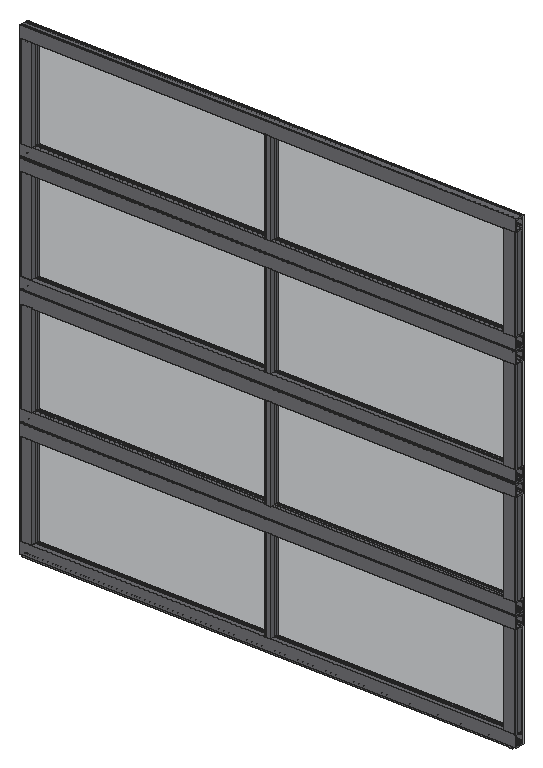
Revit family "GACS 8P GG SUV", category Doors, host Wall, Revit 2024
Family settings
  Host = Wall
  OmniClass Number = 23.30.10.00
  OmniClass Title = Doors
  Always vertical = Yes
  Cut with Voids When Loaded = No
  Shared = No
  Room Calculation Point = No
Parameters
  Wall Opening [instance] = 2440 mm
  Function = Interior
  Frame Projection Ext. = 25 mm
  Frame Projection Int. = 25 mm
  Frame Width = 75 mm
  Height = 2380 mm
  Wall Closure = By host
  Width = 2440 mm
Reference planes
  plane 1: y = 0
  plane 2 "Center (Left/Right)": x = 0
  plane 3 "Left": x = -1220
  plane 4 "Right": x = 1220
  plane 5 "Exterior": y = 75
  plane 6 "Interior": y = -75
  plane 7 "Garage Bottom": y = 75
  plane 8 "Garage Right": x = -1250
  plane 9 "Garage Left": x = 1250
  plane 10: z = 2410
Forms (mm)
  Extrusion 1, solid, material "ALUMINIUM CHAR (TEST)"
    sketch origin (2744.172, 296, 1693.954) x (1, 0, 0) y (0, 1, 0)
      loop
        line (-3934.172, -375) -> (-3994.172, -375) -> (-3994.172, -378.9) -> (-3992.372, -378.9) -> (-3992.372, -376.8) -> (-3990.372, -376.8) -> (-3990.372, -384.9) -> (-3992.372, -384.9) -> (-3992.372, -382.9) -> (-3994.172, -382.9) -> (-3994.172, -411.1) -> (-3992.372, -411.1) -> (-3992.372, -409.1) -> (-3990.372, -409.1) -> (-3990.372, -417.2) -> (-3992.372, -417.2) -> (-3992.372, -415.1) -> (-3994.172, -415.1) -> (-3994.172, -419) -> (-3934.172, -419) -> (-3934.172, -399) -> (-3935.238, -399) -> (-3935.479, -401.75) -> (-3936.772, -401.75) -> (-3936.772, -383.5) -> (-3935.567, -383.5) -> (-3935.165, -385) -> (-3934.172, -385) -> (-3934.172, -375)
      loop
        line (-3988.772, -376.75) -> (-3988.772, -386.7) -> (-3992.372, -386.7) -> (-3992.372, -407.3) -> (-3988.772, -407.3) -> (-3988.772, -417.25) -> (-3981.625, -417.25) -> (-3980.672, -416.7) -> (-3977.672, -416.7) -> (-3976.72, -417.25) -> (-3951.425, -417.25) -> (-3950.472, -416.7) -> (-3947.472, -416.7) -> (-3946.52, -417.25) -> (-3935.972, -417.25) -> (-3935.972, -403.55) -> (-3938.572, -403.55) -> (-3938.572, -381.7) -> (-3935.972, -381.7) -> (-3935.972, -376.75) -> (-3946.52, -376.75) -> (-3947.472, -377.3) -> (-3950.472, -377.3) -> (-3951.425, -376.75) -> (-3976.72, -376.75) -> (-3977.672, -377.3) -> (-3980.672, -377.3) -> (-3981.625, -376.75) -> (-3988.772, -376.75)
      loop
        line (-1554.172, -375) -> (-1554.172, -385) -> (-1553.179, -385) -> (-1552.777, -383.5) -> (-1551.572, -383.5) -> (-1551.572, -401.75) -> (-1552.866, -401.75) -> (-1553.106, -399) -> (-1554.172, -399) -> (-1554.172, -419) -> (-1494.172, -419) -> (-1494.172, -415.1) -> (-1495.972, -415.1) -> (-1495.972, -417.2) -> (-1497.972, -417.2) -> (-1497.972, -409.1) -> (-1495.972, -409.1) -> (-1495.972, -411.1) -> (-1494.172, -411.1) -> (-1494.172, -382.9) -> (-1495.972, -382.9) -> (-1495.972, -384.9) -> (-1497.972, -384.9) -> (-1497.972, -376.8) -> (-1495.972, -376.8) -> (-1495.972, -378.9) -> (-1494.172, -378.9) -> (-1494.172, -375) -> (-1554.172, -375)
      loop
        line (-1507.672, -377.3) -> (-1510.672, -377.3) -> (-1511.625, -376.75) -> (-1536.92, -376.75) -> (-1537.872, -377.3) -> (-1540.872, -377.3) -> (-1541.825, -376.75) -> (-1552.372, -376.75) -> (-1552.372, -381.7) -> (-1549.772, -381.7) -> (-1549.772, -403.55) -> (-1552.372, -403.55) -> (-1552.372, -417.25) -> (-1541.825, -417.25) -> (-1540.872, -416.7) -> (-1537.872, -416.7) -> (-1536.92, -417.25) -> (-1511.625, -417.25) -> (-1510.672, -416.7) -> (-1507.672, -416.7) -> (-1506.72, -417.25) -> (-1499.572, -417.25) -> (-1499.572, -407.3) -> (-1495.972, -407.3) -> (-1495.972, -386.7) -> (-1499.572, -386.7) -> (-1499.572, -376.75) -> (-1506.72, -376.75) -> (-1507.672, -377.3)
      loop
        line (-2729.172, -375) -> (-2759.172, -375) -> (-2759.172, -385) -> (-2758.179, -385) -> (-2757.777, -383.5) -> (-2756.572, -383.5) -> (-2756.572, -401.75) -> (-2757.866, -401.75) -> (-2758.106, -399) -> (-2759.172, -399) -> (-2759.172, -419) -> (-2729.172, -419) -> (-2729.172, -399) -> (-2730.238, -399) -> (-2730.479, -401.75) -> (-2731.772, -401.75) -> (-2731.772, -383.5) -> (-2730.567, -383.5) -> (-2730.165, -385) -> (-2729.172, -385) -> (-2729.172, -375)
      loop
        line (-2757.372, -376.75) -> (-2757.372, -381.7) -> (-2754.772, -381.7) -> (-2754.772, -403.55) -> (-2757.372, -403.55) -> (-2757.372, -417.25) -> (-2730.972, -417.25) -> (-2730.972, -403.55) -> (-2733.572, -403.55) -> (-2733.572, -381.7) -> (-2730.972, -381.7) -> (-2730.972, -376.75) -> (-2757.372, -376.75)
    from 182.954 to 656.046
  Extrusion 2, solid, material "ALUMINIUM CHAR (TEST)"
    sketch origin (0, -4, 2189.909) x (0, -1, 0) y (0, 0, -1)
      loop
        line (75, 2170) -> (75, 2110) -> (85, 2110) -> (85, 2110.993) -> (83.5, 2111.395) -> (83.5, 2112.6) -> (101.75, 2112.6) -> (101.75, 2111.307) -> (99, 2111.066) -> (99, 2110) -> (119, 2110) -> (119, 2170) -> (115.1, 2170) -> (115.1, 2168.2) -> (117.2, 2168.2) -> (117.2, 2166.2) -> (109.1, 2166.2) -> (109.1, 2168.2) -> (111.1, 2168.2) -> (111.1, 2170) -> (82.9, 2170) -> (82.9, 2168.2) -> (84.9, 2168.2) -> (84.9, 2166.2) -> (76.8, 2166.2) -> (76.8, 2168.2) -> (78.9, 2168.2) -> (78.9, 2170) -> (75, 2170)
      loop
        line (117.25, 2157.453) -> (117.25, 2164.6) -> (107.3, 2164.6) -> (107.3, 2168.2) -> (86.7, 2168.2) -> (86.7, 2164.6) -> (76.75, 2164.6) -> (76.75, 2157.453) -> (77.3, 2156.5) -> (77.3, 2153.5) -> (76.75, 2152.547) -> (76.75, 2127.253) -> (77.3, 2126.3) -> (77.3, 2123.3) -> (76.75, 2122.347) -> (76.75, 2111.8) -> (81.7, 2111.8) -> (81.7, 2114.4) -> (103.55, 2114.4) -> (103.55, 2111.8) -> (117.25, 2111.8) -> (117.25, 2122.347) -> (116.7, 2123.3) -> (116.7, 2126.3) -> (117.25, 2127.253) -> (117.25, 2152.547) -> (116.7, 2153.5) -> (116.7, 2156.5) -> (117.25, 2157.453)
      loop
        line (75, -220.091) -> (78.9, -220.091) -> (78.9, -218.291) -> (76.8, -218.291) -> (76.8, -216.291) -> (84.9, -216.291) -> (84.9, -218.291) -> (82.9, -218.291) -> (82.9, -220.091) -> (111.1, -220.091) -> (111.1, -218.291) -> (109.1, -218.291) -> (109.1, -216.291) -> (117.2, -216.291) -> (117.2, -218.291) -> (115.1, -218.291) -> (115.1, -220.091) -> (119, -220.091) -> (119, -160.091) -> (99, -160.091) -> (99, -161.157) -> (101.75, -161.398) -> (101.75, -162.691) -> (83.5, -162.691) -> (83.5, -161.486) -> (85, -161.084) -> (85, -160.091) -> (75, -160.091) -> (75, -220.091)
      loop
        line (117.25, -207.544) -> (116.7, -206.591) -> (116.7, -203.591) -> (117.25, -202.639) -> (117.25, -177.344) -> (116.7, -176.391) -> (116.7, -173.391) -> (117.25, -172.439) -> (117.25, -161.891) -> (103.55, -161.891) -> (103.55, -164.491) -> (81.7, -164.491) -> (81.7, -161.891) -> (76.75, -161.891) -> (76.75, -172.439) -> (77.3, -173.391) -> (77.3, -176.391) -> (76.75, -177.344) -> (76.75, -202.639) -> (77.3, -203.591) -> (77.3, -206.591) -> (76.75, -207.544) -> (76.75, -214.691) -> (86.7, -214.691) -> (86.7, -218.291) -> (107.3, -218.291) -> (107.3, -214.691) -> (117.25, -214.691) -> (117.25, -207.544)
    from -1250 to 1250
  Extrusion 3, solid, material "ALUMINIUM CHAR (TEST)"
    sketch origin (0, -4, 3811.454) x (0, -1, 0) y (0, 0, -1)
      loop
        line (75, 2000.546) -> (78.9, 2000.546) -> (78.9, 2002.346) -> (76.8, 2002.346) -> (76.8, 2004.346) -> (84.9, 2004.346) -> (84.9, 2002.346) -> (82.9, 2002.346) -> (82.9, 2000.546) -> (111.1, 2000.546) -> (111.1, 2002.346) -> (109.1, 2002.346) -> (109.1, 2004.346) -> (117.2, 2004.346) -> (117.2, 2002.346) -> (115.1, 2002.346) -> (115.1, 2000.546) -> (119, 2000.546) -> (119, 2060.546) -> (99, 2060.546) -> (99, 2059.48) -> (101.75, 2059.239) -> (101.75, 2057.946) -> (83.5, 2057.946) -> (83.5, 2059.151) -> (85, 2059.553) -> (85, 2060.546) -> (75, 2060.546) -> (75, 2000.546)
      loop
        line (117.25, 2013.093) -> (116.7, 2014.046) -> (116.7, 2017.046) -> (117.25, 2017.998) -> (117.25, 2043.293) -> (116.7, 2044.246) -> (116.7, 2047.246) -> (117.25, 2048.198) -> (117.25, 2058.746) -> (103.55, 2058.746) -> (103.55, 2056.146) -> (81.7, 2056.146) -> (81.7, 2058.746) -> (76.75, 2058.746) -> (76.75, 2048.198) -> (77.3, 2047.246) -> (77.3, 2044.246) -> (76.75, 2043.293) -> (76.75, 2017.998) -> (77.3, 2017.046) -> (77.3, 2014.046) -> (76.75, 2013.093) -> (76.75, 2005.946) -> (86.7, 2005.946) -> (86.7, 2002.346) -> (107.3, 2002.346) -> (107.3, 2005.946) -> (117.25, 2005.946) -> (117.25, 2013.093)
      loop
        line (75, 1994.546) -> (75, 1934.546) -> (85, 1934.546) -> (85, 1935.539) -> (83.5, 1935.94) -> (83.5, 1937.146) -> (101.75, 1937.146) -> (101.75, 1935.852) -> (99, 1935.612) -> (99, 1934.546) -> (119, 1934.546) -> (119, 1994.546) -> (115.1, 1994.546) -> (115.1, 1992.746) -> (117.2, 1992.746) -> (117.2, 1990.746) -> (109.1, 1990.746) -> (109.1, 1992.746) -> (111.1, 1992.746) -> (111.1, 1994.546) -> (82.9, 1994.546) -> (82.9, 1992.746) -> (84.9, 1992.746) -> (84.9, 1990.746) -> (76.8, 1990.746) -> (76.8, 1992.746) -> (78.9, 1992.746) -> (78.9, 1994.546) -> (75, 1994.546)
      loop
        line (117.25, 1981.998) -> (117.25, 1989.146) -> (107.3, 1989.146) -> (107.3, 1992.746) -> (86.7, 1992.746) -> (86.7, 1989.146) -> (76.75, 1989.146) -> (76.75, 1981.998) -> (77.3, 1981.046) -> (77.3, 1978.046) -> (76.75, 1977.093) -> (76.75, 1951.798) -> (77.3, 1950.846) -> (77.3, 1947.846) -> (76.75, 1946.893) -> (76.75, 1936.346) -> (81.7, 1936.346) -> (81.7, 1938.946) -> (103.55, 1938.946) -> (103.55, 1936.346) -> (117.25, 1936.346) -> (117.25, 1946.893) -> (116.7, 1947.846) -> (116.7, 1950.846) -> (117.25, 1951.798) -> (117.25, 1977.093) -> (116.7, 1978.046) -> (116.7, 1981.046) -> (117.25, 1981.998)
      loop
        line (75, 2599.546) -> (78.9, 2599.546) -> (78.9, 2601.346) -> (76.8, 2601.346) -> (76.8, 2603.346) -> (84.9, 2603.346) -> (84.9, 2601.346) -> (82.9, 2601.346) -> (82.9, 2599.546) -> (111.1, 2599.546) -> (111.1, 2601.346) -> (109.1, 2601.346) -> (109.1, 2603.346) -> (117.2, 2603.346) -> (117.2, 2601.346) -> (115.1, 2601.346) -> (115.1, 2599.546) -> (119, 2599.546) -> (119, 2659.546) -> (99, 2659.546) -> (99, 2658.48) -> (101.75, 2658.239) -> (101.75, 2656.946) -> (83.5, 2656.946) -> (83.5, 2658.151) -> (85, 2658.553) -> (85, 2659.546) -> (75, 2659.546) -> (75, 2599.546)
      loop
        line (117.25, 2612.093) -> (116.7, 2613.046) -> (116.7, 2616.046) -> (117.25, 2616.998) -> (117.25, 2642.293) -> (116.7, 2643.246) -> (116.7, 2646.246) -> (117.25, 2647.198) -> (117.25, 2657.746) -> (103.55, 2657.746) -> (103.55, 2655.146) -> (81.7, 2655.146) -> (81.7, 2657.746) -> (76.75, 2657.746) -> (76.75, 2647.198) -> (77.3, 2646.246) -> (77.3, 2643.246) -> (76.75, 2642.293) -> (76.75, 2616.998) -> (77.3, 2616.046) -> (77.3, 2613.046) -> (76.75, 2612.093) -> (76.75, 2604.946) -> (86.7, 2604.946) -> (86.7, 2601.346) -> (107.3, 2601.346) -> (107.3, 2604.946) -> (117.25, 2604.946) -> (117.25, 2612.093)
      loop
        line (75, 2593.546) -> (75, 2533.546) -> (85, 2533.546) -> (85, 2534.539) -> (83.5, 2534.94) -> (83.5, 2536.146) -> (101.75, 2536.146) -> (101.75, 2534.852) -> (99, 2534.612) -> (99, 2533.546) -> (119, 2533.546) -> (119, 2593.546) -> (115.1, 2593.546) -> (115.1, 2591.746) -> (117.2, 2591.746) -> (117.2, 2589.746) -> (109.1, 2589.746) -> (109.1, 2591.746) -> (111.1, 2591.746) -> (111.1, 2593.546) -> (82.9, 2593.546) -> (82.9, 2591.746) -> (84.9, 2591.746) -> (84.9, 2589.746) -> (76.8, 2589.746) -> (76.8, 2591.746) -> (78.9, 2591.746) -> (78.9, 2593.546) -> (75, 2593.546)
      loop
        line (117.25, 2580.998) -> (117.25, 2588.146) -> (107.3, 2588.146) -> (107.3, 2591.746) -> (86.7, 2591.746) -> (86.7, 2588.146) -> (76.75, 2588.146) -> (76.75, 2580.998) -> (77.3, 2580.046) -> (77.3, 2577.046) -> (76.75, 2576.093) -> (76.75, 2550.798) -> (77.3, 2549.846) -> (77.3, 2546.846) -> (76.75, 2545.893) -> (76.75, 2535.346) -> (81.7, 2535.346) -> (81.7, 2537.946) -> (103.55, 2537.946) -> (103.55, 2535.346) -> (117.25, 2535.346) -> (117.25, 2545.893) -> (116.7, 2546.846) -> (116.7, 2549.846) -> (117.25, 2550.798) -> (117.25, 2576.093) -> (116.7, 2577.046) -> (116.7, 2580.046) -> (117.25, 2580.998)
      loop
        line (75, 3198.546) -> (78.9, 3198.546) -> (78.9, 3200.346) -> (76.8, 3200.346) -> (76.8, 3202.346) -> (84.9, 3202.346) -> (84.9, 3200.346) -> (82.9, 3200.346) -> (82.9, 3198.546) -> (111.1, 3198.546) -> (111.1, 3200.346) -> (109.1, 3200.346) -> (109.1, 3202.346) -> (117.2, 3202.346) -> (117.2, 3200.346) -> (115.1, 3200.346) -> (115.1, 3198.546) -> (119, 3198.546) -> (119, 3258.546) -> (99, 3258.546) -> (99, 3257.48) -> (101.75, 3257.239) -> (101.75, 3255.946) -> (83.5, 3255.946) -> (83.5, 3257.151) -> (85, 3257.553) -> (85, 3258.546) -> (75, 3258.546) -> (75, 3198.546)
      loop
        line (117.25, 3211.093) -> (116.7, 3212.046) -> (116.7, 3215.046) -> (117.25, 3215.998) -> (117.25, 3241.293) -> (116.7, 3242.246) -> (116.7, 3245.246) -> (117.25, 3246.198) -> (117.25, 3256.746) -> (103.55, 3256.746) -> (103.55, 3254.146) -> (81.7, 3254.146) -> (81.7, 3256.746) -> (76.75, 3256.746) -> (76.75, 3246.198) -> (77.3, 3245.246) -> (77.3, 3242.246) -> (76.75, 3241.293) -> (76.75, 3215.998) -> (77.3, 3215.046) -> (77.3, 3212.046) -> (76.75, 3211.093) -> (76.75, 3203.946) -> (86.7, 3203.946) -> (86.7, 3200.346) -> (107.3, 3200.346) -> (107.3, 3203.946) -> (117.25, 3203.946) -> (117.25, 3211.093)
      loop
        line (75, 3192.546) -> (75, 3132.546) -> (85, 3132.546) -> (85, 3133.539) -> (83.5, 3133.94) -> (83.5, 3135.146) -> (101.75, 3135.146) -> (101.75, 3133.852) -> (99, 3133.612) -> (99, 3132.546) -> (119, 3132.546) -> (119, 3192.546) -> (115.1, 3192.546) -> (115.1, 3190.746) -> (117.2, 3190.746) -> (117.2, 3188.746) -> (109.1, 3188.746) -> (109.1, 3190.746) -> (111.1, 3190.746) -> (111.1, 3192.546) -> (82.9, 3192.546) -> (82.9, 3190.746) -> (84.9, 3190.746) -> (84.9, 3188.746) -> (76.8, 3188.746) -> (76.8, 3190.746) -> (78.9, 3190.746) -> (78.9, 3192.546) -> (75, 3192.546)
      loop
        line (117.25, 3179.998) -> (117.25, 3187.146) -> (107.3, 3187.146) -> (107.3, 3190.746) -> (86.7, 3190.746) -> (86.7, 3187.146) -> (76.75, 3187.146) -> (76.75, 3179.998) -> (77.3, 3179.046) -> (77.3, 3176.046) -> (76.75, 3175.093) -> (76.75, 3149.798) -> (77.3, 3148.846) -> (77.3, 3145.846) -> (76.75, 3144.893) -> (76.75, 3134.346) -> (81.7, 3134.346) -> (81.7, 3136.946) -> (103.55, 3136.946) -> (103.55, 3134.346) -> (117.25, 3134.346) -> (117.25, 3144.893) -> (116.7, 3145.846) -> (116.7, 3148.846) -> (117.25, 3149.798) -> (117.25, 3175.093) -> (116.7, 3176.046) -> (116.7, 3179.046) -> (117.25, 3179.998)
    from -1250 to 1250
  Extrusion 4, solid, material "Rubber, Natural"
    sketch origin (0, 0, 0) x (0, 1, 0) y (0, 0, 1)
      loop
        line (-111, 19.909) -> (-111, 16.909) -> (-106, 16.909) -> (-106, 14.004)
        spline (-106, 14.004) -> (-109.192, 11.809) -> (-110.848, 8.808) -> (-110.659, 5.562) -> (-108.66, 2.681) -> (-105.226, 0.703) -> (-101, 0) -> (-96.774, 0.703) -> (-93.34, 2.681) -> (-91.341, 5.562) -> (-91.152, 8.808) -> (-92.808, 11.809) -> (-96, 14.004)
        line (-96, 14.004) -> (-96, 16.909) -> (-91, 16.909) -> (-91, 19.909) -> (-111, 19.909)
      loop
        line (-98, 16.909) -> (-104, 16.909) -> (-104, 14.633)
        arc (-104, 14.633) -> (-101, 15.009) -> (-98, 14.633) r 12.129
        line (-98, 14.633) -> (-98, 16.909)
      loop
        spline (-101, 1.513) -> (-98.929, 1.717) -> (-97, 2.316) -> (-95.343, 3.268) -> (-94.072, 4.509) -> (-93.273, 5.954) -> (-93, 7.505) -> (-93.273, 9.055) -> (-94.072, 10.501) -> (-95.343, 11.742) -> (-97, 12.694) -> (-98.929, 13.292) -> (-101, 13.496)
        spline (-101, 13.496) -> (-103.071, 13.292) -> (-105, 12.694) -> (-106.657, 11.742) -> (-107.928, 10.501) -> (-108.727, 9.055) -> (-109, 7.505) -> (-108.727, 5.954) -> (-107.928, 4.509) -> (-106.657, 3.268) -> (-105, 2.316) -> (-103.071, 1.717) -> (-101, 1.513)
    from -1250 to 1220
  Extrusion 5, solid, material "Rubber, Natural"
    sketch origin (0, 16.15, 1625.346) x (0, 1, 0) y (0, 0, 1)
      loop
        line (-104, -404.284) -> (-104, -405.284) -> (-101.5, -405.284) -> (-101.5, -407.31)
        spline (-101.5, -407.31) -> (-102.841, -407.612) -> (-103.739, -408.203) -> (-103.978, -408.941) -> (-103.501, -409.648) -> (-102.421, -410.154) -> (-101, -410.337) -> (-99.579, -410.154) -> (-98.499, -409.648) -> (-98.022, -408.941) -> (-98.261, -408.203) -> (-99.159, -407.612) -> (-100.5, -407.31)
        line (-100.5, -407.31) -> (-100.5, -405.284) -> (-98, -405.284) -> (-98, -404.284) -> (-104, -404.284)
      loop
        line (-136.3, -404.284) -> (-136.3, -405.284) -> (-133.8, -405.284) -> (-133.8, -407.31)
        spline (-133.8, -407.31) -> (-135.141, -407.612) -> (-136.039, -408.203) -> (-136.278, -408.941) -> (-135.801, -409.648) -> (-134.721, -410.154) -> (-133.3, -410.337) -> (-131.879, -410.154) -> (-130.799, -409.648) -> (-130.322, -408.941) -> (-130.561, -408.203) -> (-131.459, -407.612) -> (-132.8, -407.31)
        line (-132.8, -407.31) -> (-132.8, -405.284) -> (-130.3, -405.284) -> (-130.3, -404.284) -> (-136.3, -404.284)
      loop
        line (-104, -416.591) -> (-98, -416.591) -> (-98, -415.591) -> (-100.5, -415.591) -> (-100.5, -413.564)
        spline (-100.5, -413.564) -> (-99.159, -413.262) -> (-98.261, -412.671) -> (-98.022, -411.933) -> (-98.499, -411.226) -> (-99.579, -410.72) -> (-101, -410.537) -> (-102.421, -410.72) -> (-103.501, -411.226) -> (-103.978, -411.933) -> (-103.739, -412.671) -> (-102.841, -413.262) -> (-101.5, -413.564)
        line (-101.5, -413.564) -> (-101.5, -415.591) -> (-104, -415.591) -> (-104, -416.591)
      loop
        line (-136.3, -416.591) -> (-130.3, -416.591) -> (-130.3, -415.591) -> (-132.8, -415.591) -> (-132.8, -413.564)
        spline (-132.8, -413.564) -> (-131.459, -413.262) -> (-130.561, -412.671) -> (-130.322, -411.933) -> (-130.799, -411.226) -> (-131.879, -410.72) -> (-133.3, -410.537) -> (-134.721, -410.72) -> (-135.801, -411.226) -> (-136.278, -411.933) -> (-136.039, -412.671) -> (-135.141, -413.262) -> (-133.8, -413.564)
        line (-133.8, -413.564) -> (-133.8, -415.591) -> (-136.3, -415.591) -> (-136.3, -416.591)
      loop
        line (-104, 194.716) -> (-104, 193.716) -> (-101.5, 193.716) -> (-101.5, 191.69)
        spline (-101.5, 191.69) -> (-102.841, 191.388) -> (-103.739, 190.797) -> (-103.978, 190.059) -> (-103.501, 189.352) -> (-102.421, 188.846) -> (-101, 188.663) -> (-99.579, 188.846) -> (-98.499, 189.352) -> (-98.022, 190.059) -> (-98.261, 190.797) -> (-99.159, 191.388) -> (-100.5, 191.69)
        line (-100.5, 191.69) -> (-100.5, 193.716) -> (-98, 193.716) -> (-98, 194.716) -> (-104, 194.716)
      loop
        line (-136.3, 194.716) -> (-136.3, 193.716) -> (-133.8, 193.716) -> (-133.8, 191.69)
        spline (-133.8, 191.69) -> (-135.141, 191.388) -> (-136.039, 190.797) -> (-136.278, 190.059) -> (-135.801, 189.352) -> (-134.721, 188.846) -> (-133.3, 188.663) -> (-131.879, 188.846) -> (-130.799, 189.352) -> (-130.322, 190.059) -> (-130.561, 190.797) -> (-131.459, 191.388) -> (-132.8, 191.69)
        line (-132.8, 191.69) -> (-132.8, 193.716) -> (-130.3, 193.716) -> (-130.3, 194.716) -> (-136.3, 194.716)
      loop
        line (-104, 182.409) -> (-98, 182.409) -> (-98, 183.409) -> (-100.5, 183.409) -> (-100.5, 185.436)
        spline (-100.5, 185.436) -> (-99.159, 185.738) -> (-98.261, 186.329) -> (-98.022, 187.067) -> (-98.499, 187.774) -> (-99.579, 188.28) -> (-101, 188.463) -> (-102.421, 188.28) -> (-103.501, 187.774) -> (-103.978, 187.067) -> (-103.739, 186.329) -> (-102.841, 185.738) -> (-101.5, 185.436)
        line (-101.5, 185.436) -> (-101.5, 183.409) -> (-104, 183.409) -> (-104, 182.409)
      loop
        line (-136.3, 182.409) -> (-130.3, 182.409) -> (-130.3, 183.409) -> (-132.8, 183.409) -> (-132.8, 185.436)
        spline (-132.8, 185.436) -> (-131.459, 185.738) -> (-130.561, 186.329) -> (-130.322, 187.067) -> (-130.799, 187.774) -> (-131.879, 188.28) -> (-133.3, 188.463) -> (-134.721, 188.28) -> (-135.801, 187.774) -> (-136.278, 187.067) -> (-136.039, 186.329) -> (-135.141, 185.738) -> (-133.8, 185.436)
        line (-133.8, 185.436) -> (-133.8, 183.409) -> (-136.3, 183.409) -> (-136.3, 182.409)
      loop
        line (-104, -1003.284) -> (-104, -1004.284) -> (-101.5, -1004.284) -> (-101.5, -1006.31)
        spline (-101.5, -1006.31) -> (-102.841, -1006.612) -> (-103.739, -1007.203) -> (-103.978, -1007.941) -> (-103.501, -1008.648) -> (-102.421, -1009.154) -> (-101, -1009.337) -> (-99.579, -1009.154) -> (-98.499, -1008.648) -> (-98.022, -1007.941) -> (-98.261, -1007.203) -> (-99.159, -1006.612) -> (-100.5, -1006.31)
        line (-100.5, -1006.31) -> (-100.5, -1004.284) -> (-98, -1004.284) -> (-98, -1003.284) -> (-104, -1003.284)
      loop
        line (-136.3, -1003.284) -> (-136.3, -1004.284) -> (-133.8, -1004.284) -> (-133.8, -1006.31)
        spline (-133.8, -1006.31) -> (-135.141, -1006.612) -> (-136.039, -1007.203) -> (-136.278, -1007.941) -> (-135.801, -1008.648) -> (-134.721, -1009.154) -> (-133.3, -1009.337) -> (-131.879, -1009.154) -> (-130.799, -1008.648) -> (-130.322, -1007.941) -> (-130.561, -1007.203) -> (-131.459, -1006.612) -> (-132.8, -1006.31)
        line (-132.8, -1006.31) -> (-132.8, -1004.284) -> (-130.3, -1004.284) -> (-130.3, -1003.284) -> (-136.3, -1003.284)
      loop
        line (-104, -1015.591) -> (-98, -1015.591) -> (-98, -1014.591) -> (-100.5, -1014.591) -> (-100.5, -1012.564)
        spline (-100.5, -1012.564) -> (-99.159, -1012.262) -> (-98.261, -1011.671) -> (-98.022, -1010.933) -> (-98.499, -1010.226) -> (-99.579, -1009.72) -> (-101, -1009.537) -> (-102.421, -1009.72) -> (-103.501, -1010.226) -> (-103.978, -1010.933) -> (-103.739, -1011.671) -> (-102.841, -1012.262) -> (-101.5, -1012.564)
        line (-101.5, -1012.564) -> (-101.5, -1014.591) -> (-104, -1014.591) -> (-104, -1015.591)
      loop
        line (-136.3, -1015.591) -> (-130.3, -1015.591) -> (-130.3, -1014.591) -> (-132.8, -1014.591) -> (-132.8, -1012.564)
        spline (-132.8, -1012.564) -> (-131.459, -1012.262) -> (-130.561, -1011.671) -> (-130.322, -1010.933) -> (-130.799, -1010.226) -> (-131.879, -1009.72) -> (-133.3, -1009.537) -> (-134.721, -1009.72) -> (-135.801, -1010.226) -> (-136.278, -1010.933) -> (-136.039, -1011.671) -> (-135.141, -1012.262) -> (-133.8, -1012.564)
        line (-133.8, -1012.564) -> (-133.8, -1014.591) -> (-136.3, -1014.591) -> (-136.3, -1015.591)
    from -1250 to 1250
  Extrusion 6, solid, material "ALUMINIUM (METALLIC GREY TEST)"
    sketch origin (0, 0, 0) x (0, 1, 0) y (0, 0, 1)
      loop
        line (-79, 19.909) -> (-75, 19.909) -> (-75, 612.909) -> (-79, 612.909) -> (-79, 19.909)
      loop
        line (-79, 618.909) -> (-75, 618.909) -> (-75, 1211.909) -> (-79, 1211.909) -> (-79, 618.909)
      loop
        line (-79, 1217.909) -> (-75, 1217.909) -> (-75, 1810.909) -> (-79, 1810.909) -> (-79, 1217.909)
      loop
        line (-79, 1816.909) -> (-75, 1816.909) -> (-75, 2410) -> (-79, 2410) -> (-79, 1816.909)
    from 2.957 to 1250
  Extrusion 7, solid, material "ALUMINIUM (METALLIC GREY TEST)"
    sketch origin (0, 0, 0) x (0, 1, 0) y (0, 0, -1)
      loop
        line (-79, -19.909) -> (-79, -612.909) -> (-75, -612.909) -> (-75, -19.909) -> (-79, -19.909)
      loop
        line (-79, -618.909) -> (-79, -1211.909) -> (-75, -1211.909) -> (-75, -618.909) -> (-79, -618.909)
      loop
        line (-79, -1217.909) -> (-79, -1810.909) -> (-75, -1810.909) -> (-75, -1217.909) -> (-79, -1217.909)
      loop
        line (-79, -1816.909) -> (-79, -2410) -> (-75, -2410) -> (-75, -1816.909) -> (-79, -1816.909)
    from 2.957 to 1250
  Extrusion 8, solid, material "ALUMINIUM CHAR (TEST)"
    sketch origin (2744.172, 296, 1094.954) x (1, 0, 0) y (0, 1, 0)
      loop
        line (-3934.172, -375) -> (-3994.172, -375) -> (-3994.172, -378.9) -> (-3992.372, -378.9) -> (-3992.372, -376.8) -> (-3990.372, -376.8) -> (-3990.372, -384.9) -> (-3992.372, -384.9) -> (-3992.372, -382.9) -> (-3994.172, -382.9) -> (-3994.172, -411.1) -> (-3992.372, -411.1) -> (-3992.372, -409.1) -> (-3990.372, -409.1) -> (-3990.372, -417.2) -> (-3992.372, -417.2) -> (-3992.372, -415.1) -> (-3994.172, -415.1) -> (-3994.172, -419) -> (-3934.172, -419) -> (-3934.172, -399) -> (-3935.238, -399) -> (-3935.479, -401.75) -> (-3936.772, -401.75) -> (-3936.772, -383.5) -> (-3935.567, -383.5) -> (-3935.165, -385) -> (-3934.172, -385) -> (-3934.172, -375)
      loop
        line (-3988.772, -376.75) -> (-3988.772, -386.7) -> (-3992.372, -386.7) -> (-3992.372, -407.3) -> (-3988.772, -407.3) -> (-3988.772, -417.25) -> (-3981.625, -417.25) -> (-3980.672, -416.7) -> (-3977.672, -416.7) -> (-3976.72, -417.25) -> (-3951.425, -417.25) -> (-3950.472, -416.7) -> (-3947.472, -416.7) -> (-3946.52, -417.25) -> (-3935.972, -417.25) -> (-3935.972, -403.55) -> (-3938.572, -403.55) -> (-3938.572, -381.7) -> (-3935.972, -381.7) -> (-3935.972, -376.75) -> (-3946.52, -376.75) -> (-3947.472, -377.3) -> (-3950.472, -377.3) -> (-3951.425, -376.75) -> (-3976.72, -376.75) -> (-3977.672, -377.3) -> (-3980.672, -377.3) -> (-3981.625, -376.75) -> (-3988.772, -376.75)
      loop
        line (-1554.172, -375) -> (-1554.172, -385) -> (-1553.179, -385) -> (-1552.777, -383.5) -> (-1551.572, -383.5) -> (-1551.572, -401.75) -> (-1552.866, -401.75) -> (-1553.106, -399) -> (-1554.172, -399) -> (-1554.172, -419) -> (-1494.172, -419) -> (-1494.172, -415.1) -> (-1495.972, -415.1) -> (-1495.972, -417.2) -> (-1497.972, -417.2) -> (-1497.972, -409.1) -> (-1495.972, -409.1) -> (-1495.972, -411.1) -> (-1494.172, -411.1) -> (-1494.172, -382.9) -> (-1495.972, -382.9) -> (-1495.972, -384.9) -> (-1497.972, -384.9) -> (-1497.972, -376.8) -> (-1495.972, -376.8) -> (-1495.972, -378.9) -> (-1494.172, -378.9) -> (-1494.172, -375) -> (-1554.172, -375)
      loop
        line (-1507.672, -377.3) -> (-1510.672, -377.3) -> (-1511.625, -376.75) -> (-1536.92, -376.75) -> (-1537.872, -377.3) -> (-1540.872, -377.3) -> (-1541.825, -376.75) -> (-1552.372, -376.75) -> (-1552.372, -381.7) -> (-1549.772, -381.7) -> (-1549.772, -403.55) -> (-1552.372, -403.55) -> (-1552.372, -417.25) -> (-1541.825, -417.25) -> (-1540.872, -416.7) -> (-1537.872, -416.7) -> (-1536.92, -417.25) -> (-1511.625, -417.25) -> (-1510.672, -416.7) -> (-1507.672, -416.7) -> (-1506.72, -417.25) -> (-1499.572, -417.25) -> (-1499.572, -407.3) -> (-1495.972, -407.3) -> (-1495.972, -386.7) -> (-1499.572, -386.7) -> (-1499.572, -376.75) -> (-1506.72, -376.75) -> (-1507.672, -377.3)
      loop
        line (-2729.172, -375) -> (-2759.172, -375) -> (-2759.172, -385) -> (-2758.179, -385) -> (-2757.777, -383.5) -> (-2756.572, -383.5) -> (-2756.572, -401.75) -> (-2757.866, -401.75) -> (-2758.106, -399) -> (-2759.172, -399) -> (-2759.172, -419) -> (-2729.172, -419) -> (-2729.172, -399) -> (-2730.238, -399) -> (-2730.479, -401.75) -> (-2731.772, -401.75) -> (-2731.772, -383.5) -> (-2730.567, -383.5) -> (-2730.165, -385) -> (-2729.172, -385) -> (-2729.172, -375)
      loop
        line (-2757.372, -376.75) -> (-2757.372, -381.7) -> (-2754.772, -381.7) -> (-2754.772, -403.55) -> (-2757.372, -403.55) -> (-2757.372, -417.25) -> (-2730.972, -417.25) -> (-2730.972, -403.55) -> (-2733.572, -403.55) -> (-2733.572, -381.7) -> (-2730.972, -381.7) -> (-2730.972, -376.75) -> (-2757.372, -376.75)
    from 182.954 to 655.954
  Extrusion 9, solid, material "ALUMINIUM CHAR (TEST)"
    sketch origin (2744.172, 296, 495.954) x (1, 0, 0) y (0, 1, 0)
      loop
        line (-3934.172, -375) -> (-3994.172, -375) -> (-3994.172, -378.9) -> (-3992.372, -378.9) -> (-3992.372, -376.8) -> (-3990.372, -376.8) -> (-3990.372, -384.9) -> (-3992.372, -384.9) -> (-3992.372, -382.9) -> (-3994.172, -382.9) -> (-3994.172, -411.1) -> (-3992.372, -411.1) -> (-3992.372, -409.1) -> (-3990.372, -409.1) -> (-3990.372, -417.2) -> (-3992.372, -417.2) -> (-3992.372, -415.1) -> (-3994.172, -415.1) -> (-3994.172, -419) -> (-3934.172, -419) -> (-3934.172, -399) -> (-3935.238, -399) -> (-3935.479, -401.75) -> (-3936.772, -401.75) -> (-3936.772, -383.5) -> (-3935.567, -383.5) -> (-3935.165, -385) -> (-3934.172, -385) -> (-3934.172, -375)
      loop
        line (-3988.772, -376.75) -> (-3988.772, -386.7) -> (-3992.372, -386.7) -> (-3992.372, -407.3) -> (-3988.772, -407.3) -> (-3988.772, -417.25) -> (-3981.625, -417.25) -> (-3980.672, -416.7) -> (-3977.672, -416.7) -> (-3976.72, -417.25) -> (-3951.425, -417.25) -> (-3950.472, -416.7) -> (-3947.472, -416.7) -> (-3946.52, -417.25) -> (-3935.972, -417.25) -> (-3935.972, -403.55) -> (-3938.572, -403.55) -> (-3938.572, -381.7) -> (-3935.972, -381.7) -> (-3935.972, -376.75) -> (-3946.52, -376.75) -> (-3947.472, -377.3) -> (-3950.472, -377.3) -> (-3951.425, -376.75) -> (-3976.72, -376.75) -> (-3977.672, -377.3) -> (-3980.672, -377.3) -> (-3981.625, -376.75) -> (-3988.772, -376.75)
      loop
        line (-1554.172, -375) -> (-1554.172, -385) -> (-1553.179, -385) -> (-1552.777, -383.5) -> (-1551.572, -383.5) -> (-1551.572, -401.75) -> (-1552.866, -401.75) -> (-1553.106, -399) -> (-1554.172, -399) -> (-1554.172, -419) -> (-1494.172, -419) -> (-1494.172, -415.1) -> (-1495.972, -415.1) -> (-1495.972, -417.2) -> (-1497.972, -417.2) -> (-1497.972, -409.1) -> (-1495.972, -409.1) -> (-1495.972, -411.1) -> (-1494.172, -411.1) -> (-1494.172, -382.9) -> (-1495.972, -382.9) -> (-1495.972, -384.9) -> (-1497.972, -384.9) -> (-1497.972, -376.8) -> (-1495.972, -376.8) -> (-1495.972, -378.9) -> (-1494.172, -378.9) -> (-1494.172, -375) -> (-1554.172, -375)
      loop
        line (-1507.672, -377.3) -> (-1510.672, -377.3) -> (-1511.625, -376.75) -> (-1536.92, -376.75) -> (-1537.872, -377.3) -> (-1540.872, -377.3) -> (-1541.825, -376.75) -> (-1552.372, -376.75) -> (-1552.372, -381.7) -> (-1549.772, -381.7) -> (-1549.772, -403.55) -> (-1552.372, -403.55) -> (-1552.372, -417.25) -> (-1541.825, -417.25) -> (-1540.872, -416.7) -> (-1537.872, -416.7) -> (-1536.92, -417.25) -> (-1511.625, -417.25) -> (-1510.672, -416.7) -> (-1507.672, -416.7) -> (-1506.72, -417.25) -> (-1499.572, -417.25) -> (-1499.572, -407.3) -> (-1495.972, -407.3) -> (-1495.972, -386.7) -> (-1499.572, -386.7) -> (-1499.572, -376.75) -> (-1506.72, -376.75) -> (-1507.672, -377.3)
      loop
        line (-2729.172, -375) -> (-2759.172, -375) -> (-2759.172, -385) -> (-2758.179, -385) -> (-2757.777, -383.5) -> (-2756.572, -383.5) -> (-2756.572, -401.75) -> (-2757.866, -401.75) -> (-2758.106, -399) -> (-2759.172, -399) -> (-2759.172, -419) -> (-2729.172, -419) -> (-2729.172, -399) -> (-2730.238, -399) -> (-2730.479, -401.75) -> (-2731.772, -401.75) -> (-2731.772, -383.5) -> (-2730.567, -383.5) -> (-2730.165, -385) -> (-2729.172, -385) -> (-2729.172, -375)
      loop
        line (-2757.372, -376.75) -> (-2757.372, -381.7) -> (-2754.772, -381.7) -> (-2754.772, -403.55) -> (-2757.372, -403.55) -> (-2757.372, -417.25) -> (-2730.972, -417.25) -> (-2730.972, -403.55) -> (-2733.572, -403.55) -> (-2733.572, -381.7) -> (-2730.972, -381.7) -> (-2730.972, -376.75) -> (-2757.372, -376.75)
    from 182.954 to 655.954
  Extrusion 10, solid, material "ALUMINIUM CHAR (TEST)"
    sketch origin (2744.172, 296, -103.046) x (1, 0, 0) y (0, 1, 0)
      loop
        line (-3934.172, -375) -> (-3994.172, -375) -> (-3994.172, -378.9) -> (-3992.372, -378.9) -> (-3992.372, -376.8) -> (-3990.372, -376.8) -> (-3990.372, -384.9) -> (-3992.372, -384.9) -> (-3992.372, -382.9) -> (-3994.172, -382.9) -> (-3994.172, -411.1) -> (-3992.372, -411.1) -> (-3992.372, -409.1) -> (-3990.372, -409.1) -> (-3990.372, -417.2) -> (-3992.372, -417.2) -> (-3992.372, -415.1) -> (-3994.172, -415.1) -> (-3994.172, -419) -> (-3934.172, -419) -> (-3934.172, -399) -> (-3935.238, -399) -> (-3935.479, -401.75) -> (-3936.772, -401.75) -> (-3936.772, -383.5) -> (-3935.567, -383.5) -> (-3935.165, -385) -> (-3934.172, -385) -> (-3934.172, -375)
      loop
        line (-3988.772, -376.75) -> (-3988.772, -386.7) -> (-3992.372, -386.7) -> (-3992.372, -407.3) -> (-3988.772, -407.3) -> (-3988.772, -417.25) -> (-3981.625, -417.25) -> (-3980.672, -416.7) -> (-3977.672, -416.7) -> (-3976.72, -417.25) -> (-3951.425, -417.25) -> (-3950.472, -416.7) -> (-3947.472, -416.7) -> (-3946.52, -417.25) -> (-3935.972, -417.25) -> (-3935.972, -403.55) -> (-3938.572, -403.55) -> (-3938.572, -381.7) -> (-3935.972, -381.7) -> (-3935.972, -376.75) -> (-3946.52, -376.75) -> (-3947.472, -377.3) -> (-3950.472, -377.3) -> (-3951.425, -376.75) -> (-3976.72, -376.75) -> (-3977.672, -377.3) -> (-3980.672, -377.3) -> (-3981.625, -376.75) -> (-3988.772, -376.75)
      loop
        line (-1554.172, -375) -> (-1554.172, -385) -> (-1553.179, -385) -> (-1552.777, -383.5) -> (-1551.572, -383.5) -> (-1551.572, -401.75) -> (-1552.866, -401.75) -> (-1553.106, -399) -> (-1554.172, -399) -> (-1554.172, -419) -> (-1494.172, -419) -> (-1494.172, -415.1) -> (-1495.972, -415.1) -> (-1495.972, -417.2) -> (-1497.972, -417.2) -> (-1497.972, -409.1) -> (-1495.972, -409.1) -> (-1495.972, -411.1) -> (-1494.172, -411.1) -> (-1494.172, -382.9) -> (-1495.972, -382.9) -> (-1495.972, -384.9) -> (-1497.972, -384.9) -> (-1497.972, -376.8) -> (-1495.972, -376.8) -> (-1495.972, -378.9) -> (-1494.172, -378.9) -> (-1494.172, -375) -> (-1554.172, -375)
      loop
        line (-1507.672, -377.3) -> (-1510.672, -377.3) -> (-1511.625, -376.75) -> (-1536.92, -376.75) -> (-1537.872, -377.3) -> (-1540.872, -377.3) -> (-1541.825, -376.75) -> (-1552.372, -376.75) -> (-1552.372, -381.7) -> (-1549.772, -381.7) -> (-1549.772, -403.55) -> (-1552.372, -403.55) -> (-1552.372, -417.25) -> (-1541.825, -417.25) -> (-1540.872, -416.7) -> (-1537.872, -416.7) -> (-1536.92, -417.25) -> (-1511.625, -417.25) -> (-1510.672, -416.7) -> (-1507.672, -416.7) -> (-1506.72, -417.25) -> (-1499.572, -417.25) -> (-1499.572, -407.3) -> (-1495.972, -407.3) -> (-1495.972, -386.7) -> (-1499.572, -386.7) -> (-1499.572, -376.75) -> (-1506.72, -376.75) -> (-1507.672, -377.3)
      loop
        line (-2729.172, -375) -> (-2759.172, -375) -> (-2759.172, -385) -> (-2758.179, -385) -> (-2757.777, -383.5) -> (-2756.572, -383.5) -> (-2756.572, -401.75) -> (-2757.866, -401.75) -> (-2758.106, -399) -> (-2759.172, -399) -> (-2759.172, -419) -> (-2729.172, -419) -> (-2729.172, -399) -> (-2730.238, -399) -> (-2730.479, -401.75) -> (-2731.772, -401.75) -> (-2731.772, -383.5) -> (-2730.567, -383.5) -> (-2730.165, -385) -> (-2729.172, -385) -> (-2729.172, -375)
      loop
        line (-2757.372, -376.75) -> (-2757.372, -381.7) -> (-2754.772, -381.7) -> (-2754.772, -403.55) -> (-2757.372, -403.55) -> (-2757.372, -417.25) -> (-2730.972, -417.25) -> (-2730.972, -403.55) -> (-2733.572, -403.55) -> (-2733.572, -381.7) -> (-2730.972, -381.7) -> (-2730.972, -376.75) -> (-2757.372, -376.75)
    from 182.954 to 655.954
Lines and regions (mm)
  Opening 1
    outline origin (-3050, -75, 0) x (1, 0, 0) y (0, 0, 1)
      loop
        line (1830, 0) -> (4270, 0) -> (4270, 2380) -> (1830, 2380) -> (1830, 0)
  symbolic lines, style "Elevation Swing"
    curve 1: line (-1250, -105, 1694) -> (-1250, -2275, 1694)
    curve 2: line (-1250, -2275, 1694) -> (1250, -2275, 1694)
    curve 3: line (1250, -2275, 1694) -> (1250, -105, 1694)
  model lines
    curve 4: line (0, -75, 2410) -> (0, -2335, 2410)
    curve 5: line (0, 254, 19.909) -> (0, -2006, 19.909)
    curve 6: line (0, 254, 79.909) -> (0, -2006, 79.909)
    curve 7: line (0, 254, 552.909) -> (0, -2006, 552.909)
    curve 8: line (0, 254, 678.909) -> (0, -2006, 678.909)
    curve 9: line (0, 254, 1151.909) -> (0, -2006, 1151.909)
    curve 10: line (0, 254, 1277.909) -> (0, -2006, 1277.909)
    curve 11: line (0, 254, 1750.909) -> (0, -2006, 1750.909)
    curve 12: line (0, 254, 1876.909) -> (0, -2006, 1876.909)
Text (mm)
  text "Exterior" at (-2295.016, 1099.543, 0), in view "Ref. Level"
  text "Exterior" at (0, 1615.38, 3698.081), in view "Left"
  text "Exterior" at (0, 1036.032, 3874.932), in view "Right"
Dimensions and locks
  equal spacing: plane 3 "Left", plane 2 "Center (Left/Right)", plane 4 "Right"
  "Width": plane 3 "Left" to plane 4 "Right"
  locked: plane 5 "Exterior" to host wall
  locked: plane 6 "Interior" to host wall
  "Wall Opening": plane 3 "Left" to plane 4 "Right"
  level to Extrusion 4 = 19.909 mm
  curve 5 to curve 4 = 2390.091 mm
  plane 9 "Garage Left" to plane 8 "Garage Right" = 2500 mm
  level to host wall = 2380 mm
  level to plane 10 = 2410 mm
  plane 8 "Garage Right" to plane 9 "Garage Left" = 2500 mm
  aligned and locked: plane 3 "Left" to Opening 1 sketch curve
  aligned and locked: Opening 1 sketch curve to plane 4 "Right"
  aligned and locked: Opening 1 sketch curve to level
  aligned and locked: host wall to plane 1
Automatic sketch dimensions
  level to Opening 1 sketch curve = 2380 mm
  curve 4 to host wall = 0 mm
  level to curve 5 = 19.909 mm
  host wall to curve 12 = 1931 mm
  level to curve 7 = 552.909 mm
  curve 7 to curve 12 = 0 mm
  curve 9 to curve 7 = 0 mm
  level to curve 6 = 79.909 mm
  curve 6 to curve 7 = 0 mm
  curve 10 to curve 9 = 0 mm  (x2)
  curve 5 to curve 6 = 0 mm  (x2)
  curve 11 to curve 12 = 0 mm
  curve 8 to curve 7 = 0 mm  (x2)
  curve 4 to curve 12 = 329 mm
  host wall to curve 9 = 179 mm
  host wall to curve 7 = 179 mm
  host wall to curve 6 = 179 mm
  host wall to curve 11 = 179 mm
  curve 12 to curve 11 = 0 mm
  curve 7 to curve 8 = 126 mm
  curve 8 to curve 9 = 473 mm
  curve 9 to curve 10 = 126 mm
  curve 10 to curve 11 = 473 mm
  curve 11 to curve 12 = 126 mm
  Extrusion 1 sketch curve to plane 8 "Garage Right" = 0 mm  (x3)
  Extrusion 1 sketch curve to plane 9 "Garage Left" = 0 mm  (x3)
  plane 8 "Garage Right" to Extrusion 1 sketch curve = 1.8 mm  (x4)
  Extrusion 1 sketch curve to Extrusion 1 sketch curve = 0 mm  (x3)
  Extrusion 1 sketch curve to Extrusion 1 sketch curve = 2 mm  (x6)
  Extrusion 1 sketch curve to Extrusion 1 sketch curve = 1.6 mm  (x4)
  Extrusion 1 sketch curve to Extrusion 1 sketch curve = 7.147 mm  (x2)
  Extrusion 1 sketch curve to Extrusion 1 sketch curve = 0.953 mm  (x16)
  host wall to Extrusion 1 sketch curve = 6.3 mm  (x4)
  Extrusion 1 sketch curve to Extrusion 1 sketch curve = 3 mm  (x8)
  host wall to Extrusion 1 sketch curve = 5.75 mm  (x3)
  Extrusion 1 sketch curve to plane 3 "Left" = 12.747 mm  (x2)
  Extrusion 1 sketch curve to Extrusion 1 sketch curve = 7.947 mm  (x2)
  Extrusion 1 sketch curve to Extrusion 1 sketch curve = 1.8 mm  (x25)
  Extrusion 1 sketch curve to Extrusion 1 sketch curve = 0.8 mm  (x3)
  Extrusion 1 sketch curve to Extrusion 1 sketch curve = 1.205 mm  (x3)
  Extrusion 1 sketch curve to Extrusion 1 sketch curve = 1.293 mm  (x3)
  Extrusion 1 sketch curve to Extrusion 1 sketch curve = 0.241 mm  (x4)
  Extrusion 1 sketch curve to Extrusion 1 sketch curve = 0.402 mm  (x4)
  Extrusion 1 sketch curve to plane 2 "Center (Left/Right)" = 15 mm  (x2)
  host wall to Extrusion 1 sketch curve = 4 mm
  Extrusion 1 sketch curve to Extrusion 1 sketch curve = 0.993 mm  (x2)
  Extrusion 1 sketch curve to Extrusion 1 sketch curve = 1.066 mm  (x3)
  Extrusion 1 sketch curve to Extrusion 1 sketch curve = 0.405 mm
  plane 2 "Center (Left/Right)" to Extrusion 1 sketch curve = 10.6 mm
  Extrusion 1 sketch curve to Extrusion 1 sketch curve = 2.6 mm
  plane 4 "Right" to Extrusion 1 sketch curve = 30 mm
  host wall to Extrusion 1 sketch curve = 14 mm  (x2)
  host wall to Extrusion 1 sketch curve = 12.5 mm
  Extrusion 1 sketch curve to Extrusion 1 sketch curve = 0.493 mm
  Extrusion 1 sketch curve to Extrusion 1 sketch curve = 10.547 mm
  Extrusion 1 sketch curve to plane 4 "Right" = 12.547 mm  (x2)
  plane 9 "Garage Left" to Extrusion 1 sketch curve = 5.4 mm  (x2)
  plane 9 "Garage Left" to Extrusion 1 sketch curve = 1.8 mm
  Extrusion 1 sketch curve to Extrusion 1 sketch curve = 10 mm  (x2)
  Extrusion 1 sketch curve to Extrusion 1 sketch curve = 9.4 mm  (x4)
  Extrusion 1 sketch curve to Extrusion 1 sketch curve = 14 mm  (x2)
  Extrusion 1 sketch curve to Extrusion 1 sketch curve = 24 mm
  Extrusion 1 sketch curve to Extrusion 1 sketch curve = 21.7 mm
  Extrusion 1 sketch curve to Extrusion 1 sketch curve = 2.75 mm  (x4)
  Extrusion 1 sketch curve to Extrusion 1 sketch curve = 20.6 mm  (x2)
  Extrusion 1 sketch curve to Extrusion 1 sketch curve = 4 mm  (x4)
  Extrusion 1 sketch curve to Extrusion 1 sketch curve = 13.15 mm  (x2)
  Extrusion 1 sketch curve to Extrusion 1 sketch curve = 2.1 mm  (x4)
  Extrusion 1 sketch curve to Extrusion 1 sketch curve = 0.55 mm  (x6)
  Extrusion 1 sketch curve to Extrusion 1 sketch curve = 0.05 mm  (x2)
  Extrusion 1 sketch curve to Extrusion 1 sketch curve = 13.7 mm
  Extrusion 1 sketch curve to Extrusion 1 sketch curve = 1.75 mm  (x5)
  Extrusion 1 sketch curve to Extrusion 1 sketch curve = 1.5 mm  (x3)
  Extrusion 1 sketch curve to Extrusion 1 sketch curve = 4.95 mm
  host wall to Extrusion 2 sketch curve = 4 mm  (x2)
  Extrusion 2 sketch curve to Extrusion 2 sketch curve = 1.75 mm  (x3)
  host wall to Extrusion 2 sketch curve = 5.75 mm  (x2)
  Extrusion 2 sketch curve to Extrusion 2 sketch curve = 0 mm  (x9)
  Extrusion 2 sketch curve to Extrusion 2 sketch curve = 0.05 mm  (x2)
  Extrusion 2 sketch curve to Extrusion 2 sketch curve = 0.55 mm  (x10)
  Extrusion 2 sketch curve to Extrusion 2 sketch curve = 2.1 mm  (x4)
  Extrusion 2 sketch curve to Extrusion 2 sketch curve = 4.95 mm  (x2)
  Extrusion 2 sketch curve to Extrusion 2 sketch curve = 4 mm  (x4)
  Extrusion 2 sketch curve to Extrusion 2 sketch curve = 1.8 mm  (x19)
  Extrusion 2 sketch curve to Extrusion 2 sketch curve = 2 mm  (x9)
  Extrusion 2 sketch curve to Extrusion 2 sketch curve = 1.5 mm  (x2)
  Extrusion 2 sketch curve to Extrusion 2 sketch curve = 14 mm  (x2)
  Extrusion 2 sketch curve to Extrusion 2 sketch curve = 2.75 mm  (x2)
  Extrusion 2 sketch curve to Extrusion 2 sketch curve = 20.6 mm  (x2)
  Extrusion 2 sketch curve to Extrusion 2 sketch curve = 1.6 mm  (x6)
  Extrusion 2 sketch curve to Extrusion 2 sketch curve = 13.15 mm  (x2)
  level to Extrusion 2 sketch curve = 2410 mm
  Extrusion 2 sketch curve to Extrusion 2 sketch curve = 7.147 mm  (x4)
  Extrusion 2 sketch curve to Extrusion 2 sketch curve = 0.953 mm  (x16)
  Extrusion 2 sketch curve to Extrusion 2 sketch curve = 3 mm  (x8)
  Extrusion 2 sketch curve to Extrusion 2 sketch curve = 25.295 mm  (x4)
  Extrusion 2 sketch curve to Extrusion 2 sketch curve = 7.947 mm  (x2)
  Extrusion 2 sketch curve to Extrusion 2 sketch curve = 0.8 mm
  Extrusion 2 sketch curve to Extrusion 2 sketch curve = 2.6 mm
  Extrusion 2 sketch curve to Extrusion 2 sketch curve = 1.205 mm
  Extrusion 2 sketch curve to Extrusion 2 sketch curve = 1.293 mm  (x2)
  Extrusion 2 sketch curve to Extrusion 2 sketch curve = 0.241 mm  (x2)
  Extrusion 2 sketch curve to Extrusion 2 sketch curve = 0.402 mm  (x2)
  Extrusion 2 sketch curve to Extrusion 2 sketch curve = 0.993 mm  (x2)
  level to Extrusion 2 sketch curve = 79.909 mm
  Extrusion 2 sketch curve to Extrusion 2 sketch curve = 1.066 mm
  Extrusion 2 sketch curve to Extrusion 2 sketch curve = 0.405 mm
  Extrusion 2 sketch curve to Extrusion 2 sketch curve = 10.547 mm
  host wall to Extrusion 3 sketch curve = 4 mm  (x6)
  host wall to Extrusion 3 sketch curve = 5.75 mm  (x5)
  Extrusion 3 sketch curve to Extrusion 3 sketch curve = 0 mm  (x23)
  Extrusion 3 sketch curve to Extrusion 3 sketch curve = 1.75 mm  (x9)
  Extrusion 3 sketch curve to Extrusion 3 sketch curve = 0.05 mm  (x7)
  Extrusion 3 sketch curve to Extrusion 3 sketch curve = 1.8 mm  (x60)
  Extrusion 3 sketch curve to Extrusion 3 sketch curve = 0.55 mm  (x26)
  Extrusion 3 sketch curve to Extrusion 3 sketch curve = 2.1 mm  (x12)
  Extrusion 3 sketch curve to Extrusion 3 sketch curve = 4.95 mm  (x6)
  Extrusion 3 sketch curve to Extrusion 3 sketch curve = 4 mm  (x12)
  Extrusion 3 sketch curve to Extrusion 3 sketch curve = 2 mm  (x29)
  Extrusion 3 sketch curve to Extrusion 3 sketch curve = 1.5 mm  (x6)
  Extrusion 3 sketch curve to Extrusion 3 sketch curve = 14 mm  (x6)
  Extrusion 3 sketch curve to Extrusion 3 sketch curve = 2.75 mm  (x6)
  Extrusion 3 sketch curve to Extrusion 3 sketch curve = 20.6 mm  (x3)
  Extrusion 3 sketch curve to Extrusion 3 sketch curve = 13.15 mm  (x6)
  Extrusion 3 sketch curve to Extrusion 3 sketch curve = 9.4 mm  (x3)
  Extrusion 3 sketch curve to Extrusion 3 sketch curve = 1.6 mm  (x15)
  level to Extrusion 3 sketch curve = 1876.909 mm
  Extrusion 3 sketch curve to Extrusion 3 sketch curve = 0.993 mm  (x6)
  Extrusion 3 sketch curve to Extrusion 3 sketch curve = 1.066 mm  (x4)
  Extrusion 3 sketch curve to Extrusion 3 sketch curve = 0.241 mm  (x6)
  Extrusion 3 sketch curve to Extrusion 3 sketch curve = 0.402 mm  (x6)
  Extrusion 3 sketch curve to Extrusion 3 sketch curve = 0.493 mm  (x3)
  Extrusion 3 sketch curve to Extrusion 3 sketch curve = 1.293 mm  (x5)
  Extrusion 3 sketch curve to Extrusion 3 sketch curve = 7.947 mm  (x6)
  Extrusion 3 sketch curve to Extrusion 3 sketch curve = 10.547 mm  (x4)
  Extrusion 3 sketch curve to Extrusion 3 sketch curve = 0.953 mm  (x48)
  Extrusion 3 sketch curve to Extrusion 3 sketch curve = 3 mm  (x24)
  Extrusion 3 sketch curve to Extrusion 3 sketch curve = 25.295 mm  (x12)
  Extrusion 3 sketch curve to Extrusion 3 sketch curve = 7.147 mm  (x12)
  Extrusion 3 sketch curve to Extrusion 3 sketch curve = 6 mm  (x6)
  Extrusion 3 sketch curve to Extrusion 3 sketch curve = 0.8 mm  (x4)
  Extrusion 3 sketch curve to Extrusion 3 sketch curve = 1.205 mm  (x4)
  Extrusion 3 sketch curve to Extrusion 3 sketch curve = 473 mm  (x2)
  Extrusion 3 sketch curve to Extrusion 3 sketch curve = 0.405 mm  (x2)
  Extrusion 3 sketch curve to Extrusion 3 sketch curve = 2.6 mm
  Extrusion 4 sketch curve to level = 0 mm
  host wall to Extrusion 4 sketch curve = 36 mm
  Extrusion 4 sketch curve to Extrusion 4 sketch curve = 5 mm  (x2)
  Extrusion 4 sketch curve to Extrusion 4 sketch curve = 2 mm  (x2)
  level to Extrusion 4 sketch curve = 2.881 mm
  Extrusion 4 sketch curve to Extrusion 4 sketch curve = 3 mm  (x2)
  Extrusion 4 sketch curve to Extrusion 4 sketch curve = 6 mm
  Extrusion 4 sketch curve to Extrusion 4 sketch curve = 11.123 mm
  Extrusion 4 sketch curve to Extrusion 4 sketch curve = 0 mm  (x4)
  Extrusion 4 sketch curve to Extrusion 4 sketch curve = 0.629 mm
  Extrusion 4 sketch curve to Extrusion 4 sketch curve = 2.276 mm
  Extrusion 4 sketch curve to Extrusion 4 sketch curve = 2.905 mm
  Extrusion 4 sketch curve to Extrusion 4 sketch curve = 1.368 mm
  Extrusion 4 sketch curve to Extrusion 4 sketch curve = 4.624 mm
  host wall to Extrusion 5 sketch curve = 45.15 mm  (x3)
  Extrusion 5 sketch curve to Extrusion 5 sketch curve = 0 mm  (x30)
  Extrusion 5 sketch curve to Extrusion 5 sketch curve = 2.5 mm  (x24)
  Extrusion 5 sketch curve to Extrusion 5 sketch curve = 1 mm  (x24)
  host wall to Extrusion 5 sketch curve = 12.85 mm  (x3)
  level to Extrusion 5 sketch curve = 609.755 mm
  Extrusion 5 sketch curve to Extrusion 5 sketch curve = 2.027 mm  (x15)
  Extrusion 5 sketch curve to Extrusion 5 sketch curve = 6.253 mm  (x6)
  Extrusion 5 sketch curve to Extrusion 5 sketch curve = 586.693 mm  (x2)
  Extrusion 5 sketch curve to Extrusion 5 sketch curve = 2.489 mm  (x12)
  Extrusion 5 sketch curve to Extrusion 5 sketch curve = 1.503 mm  (x12)
  Extrusion 6 sketch curve to host wall = 0 mm  (x4)
  host wall to Extrusion 6 sketch curve = 4 mm  (x4)
  level to Extrusion 6 sketch curve = 19.909 mm
  Extrusion 6 sketch curve to Extrusion 6 sketch curve = 593 mm  (x3)
  Extrusion 6 sketch curve to Extrusion 6 sketch curve = 6 mm  (x3)
  Extrusion 6 sketch curve to Extrusion 6 sketch curve = 593.091 mm
  Extrusion 7 sketch curve to host wall = 0 mm  (x4)
  host wall to Extrusion 7 sketch curve = 4 mm  (x3)
  Extrusion 7 sketch curve to Extrusion 7 sketch curve = 4 mm
  level to Extrusion 7 sketch curve = 2410 mm
  Extrusion 7 sketch curve to Extrusion 7 sketch curve = 593.091 mm
  Extrusion 7 sketch curve to Extrusion 7 sketch curve = 6 mm  (x3)
  Extrusion 7 sketch curve to Extrusion 7 sketch curve = 593 mm  (x2)
  level to Extrusion 7 sketch curve = 19.909 mm
  Extrusion 8 sketch curve to plane 8 "Garage Right" = 0 mm  (x3)
  Extrusion 8 sketch curve to plane 9 "Garage Left" = 0 mm  (x3)
  plane 8 "Garage Right" to Extrusion 8 sketch curve = 1.8 mm  (x4)
  Extrusion 8 sketch curve to Extrusion 8 sketch curve = 0 mm  (x3)
  Extrusion 8 sketch curve to Extrusion 8 sketch curve = 2 mm  (x6)
  Extrusion 8 sketch curve to Extrusion 8 sketch curve = 1.6 mm  (x4)
  Extrusion 8 sketch curve to Extrusion 8 sketch curve = 7.147 mm  (x2)
  Extrusion 8 sketch curve to Extrusion 8 sketch curve = 0.953 mm  (x16)
  host wall to Extrusion 8 sketch curve = 6.3 mm  (x4)
  Extrusion 8 sketch curve to Extrusion 8 sketch curve = 3 mm  (x8)
  host wall to Extrusion 8 sketch curve = 5.75 mm  (x3)
  Extrusion 8 sketch curve to plane 3 "Left" = 12.747 mm  (x2)
  Extrusion 8 sketch curve to Extrusion 8 sketch curve = 7.947 mm  (x2)
  Extrusion 8 sketch curve to Extrusion 8 sketch curve = 1.8 mm  (x25)
  Extrusion 8 sketch curve to Extrusion 8 sketch curve = 0.8 mm  (x3)
  Extrusion 8 sketch curve to Extrusion 8 sketch curve = 1.205 mm  (x3)
  Extrusion 8 sketch curve to Extrusion 8 sketch curve = 1.293 mm  (x3)
  Extrusion 8 sketch curve to Extrusion 8 sketch curve = 0.241 mm  (x4)
  Extrusion 8 sketch curve to Extrusion 8 sketch curve = 0.402 mm  (x4)
  Extrusion 8 sketch curve to plane 2 "Center (Left/Right)" = 15 mm  (x2)
  host wall to Extrusion 8 sketch curve = 4 mm
  Extrusion 8 sketch curve to Extrusion 8 sketch curve = 0.993 mm  (x2)
  Extrusion 8 sketch curve to Extrusion 8 sketch curve = 1.066 mm  (x3)
  Extrusion 8 sketch curve to Extrusion 8 sketch curve = 0.405 mm
  plane 2 "Center (Left/Right)" to Extrusion 8 sketch curve = 10.6 mm
  Extrusion 8 sketch curve to Extrusion 8 sketch curve = 2.6 mm
  plane 4 "Right" to Extrusion 8 sketch curve = 30 mm
  host wall to Extrusion 8 sketch curve = 14 mm  (x2)
  host wall to Extrusion 8 sketch curve = 12.5 mm
  Extrusion 8 sketch curve to Extrusion 8 sketch curve = 0.493 mm
  Extrusion 8 sketch curve to Extrusion 8 sketch curve = 10.547 mm
  Extrusion 8 sketch curve to plane 4 "Right" = 12.547 mm  (x2)
  plane 9 "Garage Left" to Extrusion 8 sketch curve = 5.4 mm  (x2)
  plane 9 "Garage Left" to Extrusion 8 sketch curve = 1.8 mm
  Extrusion 8 sketch curve to Extrusion 8 sketch curve = 10 mm  (x2)
  Extrusion 8 sketch curve to Extrusion 8 sketch curve = 9.4 mm  (x4)
  Extrusion 8 sketch curve to Extrusion 8 sketch curve = 14 mm  (x2)
  Extrusion 8 sketch curve to Extrusion 8 sketch curve = 24 mm
  Extrusion 8 sketch curve to Extrusion 8 sketch curve = 21.7 mm
  Extrusion 8 sketch curve to Extrusion 8 sketch curve = 2.75 mm  (x4)
  Extrusion 8 sketch curve to Extrusion 8 sketch curve = 20.6 mm  (x2)
  Extrusion 8 sketch curve to Extrusion 8 sketch curve = 4 mm  (x4)
  Extrusion 8 sketch curve to Extrusion 8 sketch curve = 13.15 mm  (x2)
  Extrusion 8 sketch curve to Extrusion 8 sketch curve = 2.1 mm  (x4)
  Extrusion 8 sketch curve to Extrusion 8 sketch curve = 0.55 mm  (x6)
  Extrusion 8 sketch curve to Extrusion 8 sketch curve = 0.05 mm  (x2)
  Extrusion 8 sketch curve to Extrusion 8 sketch curve = 13.7 mm
  Extrusion 8 sketch curve to Extrusion 8 sketch curve = 1.75 mm  (x5)
  Extrusion 8 sketch curve to Extrusion 8 sketch curve = 1.5 mm  (x3)
  Extrusion 8 sketch curve to Extrusion 8 sketch curve = 4.95 mm
  Extrusion 9 sketch curve to plane 8 "Garage Right" = 0 mm  (x3)
  Extrusion 9 sketch curve to plane 9 "Garage Left" = 0 mm  (x3)
  plane 8 "Garage Right" to Extrusion 9 sketch curve = 1.8 mm  (x4)
  Extrusion 9 sketch curve to Extrusion 9 sketch curve = 0 mm  (x3)
  Extrusion 9 sketch curve to Extrusion 9 sketch curve = 2 mm  (x6)
  Extrusion 9 sketch curve to Extrusion 9 sketch curve = 1.6 mm  (x4)
  Extrusion 9 sketch curve to Extrusion 9 sketch curve = 7.147 mm  (x2)
  Extrusion 9 sketch curve to Extrusion 9 sketch curve = 0.953 mm  (x16)
  host wall to Extrusion 9 sketch curve = 6.3 mm  (x4)
  Extrusion 9 sketch curve to Extrusion 9 sketch curve = 3 mm  (x8)
  host wall to Extrusion 9 sketch curve = 5.75 mm  (x3)
  Extrusion 9 sketch curve to plane 3 "Left" = 12.747 mm  (x2)
  Extrusion 9 sketch curve to Extrusion 9 sketch curve = 7.947 mm  (x2)
  Extrusion 9 sketch curve to Extrusion 9 sketch curve = 1.8 mm  (x25)
  Extrusion 9 sketch curve to Extrusion 9 sketch curve = 0.8 mm  (x3)
  Extrusion 9 sketch curve to Extrusion 9 sketch curve = 1.205 mm  (x3)
  Extrusion 9 sketch curve to Extrusion 9 sketch curve = 1.293 mm  (x3)
  Extrusion 9 sketch curve to Extrusion 9 sketch curve = 0.241 mm  (x4)
  Extrusion 9 sketch curve to Extrusion 9 sketch curve = 0.402 mm  (x4)
  Extrusion 9 sketch curve to plane 2 "Center (Left/Right)" = 15 mm  (x2)
  host wall to Extrusion 9 sketch curve = 4 mm
  Extrusion 9 sketch curve to Extrusion 9 sketch curve = 0.993 mm  (x2)
  Extrusion 9 sketch curve to Extrusion 9 sketch curve = 1.066 mm  (x3)
  Extrusion 9 sketch curve to Extrusion 9 sketch curve = 0.405 mm
  plane 2 "Center (Left/Right)" to Extrusion 9 sketch curve = 10.6 mm
  Extrusion 9 sketch curve to Extrusion 9 sketch curve = 2.6 mm
  plane 4 "Right" to Extrusion 9 sketch curve = 30 mm
  host wall to Extrusion 9 sketch curve = 14 mm  (x2)
  host wall to Extrusion 9 sketch curve = 12.5 mm
  Extrusion 9 sketch curve to Extrusion 9 sketch curve = 0.493 mm
